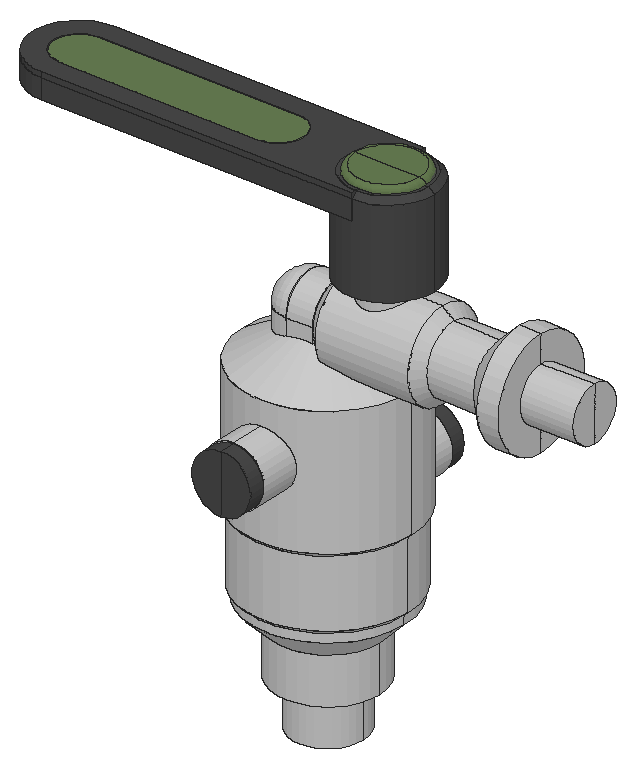
Revit family "Водоразборная арматура в комплекте с клапаном предотвращения обратного потока 0300", category Rohrzubehör, Revit 2020
Family settings
  Bemaßung runder Anschluss = Durchmesser verwenden
  Teiletyp = Unterbricht
  OmniClass-Nummer = 23.65.55.14
  OmniClass-Titel = Valves for Liquid Services
  Arbeitsebenenbasiert = Nein
  Immer vertikal = Ja
  Beim Laden mit Abzugskörper schneiden = Nein
  Gemeinsam genutzt = Nein
Parameters (values of type "DN15 - DN20")
  Уплотнение = "EPDM"  # constant formula
  Примечание = "В соответствии со статьей 33 Регламента REACH (Registration; Evaluation; Authorisation; Restriction of Chemicals) (EC № 1907/2006) мы обязаны указать, что свинец внесен в список SVHC (Substances of Very High Concern - вещества очень высокой важности) и весовой процент свинца во всех латунных компонентах заводского изготовления в наших изделиях, превышает 0,1 % (w/w) (CAS: 7439-92-1 / EINECS: 231-100-4).\r\nПоскольку свинец является легирующим компонентом сплава, прямое негативное влияние исключается, и поэтому дополнительной информации о безопасном использовании не требуется."
  Область применения = "Водоразборная арматура со встроенным клапаном предотвращения обратного потока (ВА) предназначена для установки над раковинами, ваннами или для установки вне помещения (например, клапан в саду).\r\nАрматура состоит из шарового крана на стороне входа и клапана предотвращения обратного потока ниже по направлению потока, тип ВА согласно DIN EN 1717."
  Макс. рабочее давление = 1000000.0 Pa  # constant formula
  Макс. рабочая температура = 65 °C  # constant formula
  Корпус = "штампованная латунь (CW617N), хромированная"  # constant formula
  Макс. допустимая рабочая температура (кратковременно) = 80 °C  # constant formula
  Исполнение = "Клапан предотвращения обратного потока ВА, встроенный в водоразборную арматуру, разработан согласно требованиям нормы DIN EN 1717.\r\nСогласно этой нормы качество воды, в зависимости от степени загрязнения, разделяется на 5 классов.\r\nКлапан предотвращения обратного потока типа ВА защищает от попадания непитьевой воды (4-й класс защиты - самый высокий класс защиты, который может обеспечить арматура).\r\nУстановка фильтра-грязевика перед клапаном предотвращения обратного потока помогает обеспечить его долгий срок службы.\r\nЭта арматура может быть установлена только в вертикальном положении."
  W02 = 60.00°  # constant formula
  W01 = 45.00°  # constant formula
  Vorgabe-Ansicht = 0.000 mm
  URL = "www.herz-armaturen.ru"
  Картридж клапана предотвращения обратного потока = "высококачественный устойчивый к известковому налету пластик"  # constant formula
  STL02 = 37.500 mm  # constant formula
  STL01 = 33.000 mm  # constant formula
  STD02 = 8.200 mm  # constant formula
  STD01 = 8.500 mm  # constant formula
  SCTWSEQ = "AW;SBT_TYP_AW=\"104\";2"
  SCTWCODE = "04;12;02"  # constant formula
  S05 = R03 - 2.000 mm  # 10.400 mm
  S04 = 33.000 mm  # constant formula
  S03 = 25.000 mm  # constant formula
  S02 = 45.000 mm  # constant formula
  S01 = 13.000 mm  # constant formula
  R09 = 13.000 mm  # constant formula
  R05 = 8.000 mm  # constant formula
  R04 = 8.500 mm  # constant formula
  R03 = 12.400 mm  # constant formula
  R02 = 9.500 mm  # constant formula
  R01 = 15.000 mm  # constant formula
  NennweiteEin [instance] = if([15_20], 15.000 mm, if([20_20], 20.000 mm, if([20_25], 20.000 mm, 0.000 mm)))  # 15.000 mm
  NennweiteAus [instance] = if([15_20], 20.000 mm, if([20_20], 20.000 mm, if([20_25], 25.000 mm, 0.000 mm)))  # 20.000 mm
  Среда = "вода (не пар)"  # constant formula
  LO01 = 34.500 mm  # constant formula
  L11 = 77.500 mm  # constant formula
  L10 = 57.500 mm  # constant formula
  L09 = 58.000 mm  # constant formula
  L08 = 2.500 mm  # constant formula
  L07 = 26.000 mm  # constant formula
  L06 = 6.000 mm  # constant formula
  L05 = 15.000 mm  # constant formula
  L04 = 5.000 mm  # constant formula
  L03 = 100.000 mm  # constant formula
  L02 = 58.000 mm  # constant formula
  L01 = 75.000 mm  # constant formula
  Hersteller = "HERZ Armaturen Ges.m.b.H."  # constant formula
  H08 = 15.000 mm  # constant formula
  H07 = 36.000 mm  # constant formula
  H06 = 19.000 mm  # constant formula
  H05 = 2.500 mm  # constant formula
  H04 = 13.000 mm  # constant formula
  H03 = 13.000 mm  # constant formula
  H02 = 105.000 mm  # constant formula
  H01 = 146.000 mm - H02  # 41.000 mm
  Положение при монтаже = "вертикальное"  # constant formula
  Номер заказа = if([15_20], "I030001", if([20_20], "I030002", if([20_25], "I030012", "0")))  # "I030001"
  20_25 = no
  20_20 = no
  15_20 = yes
  D05 = 14.500 mm  # constant formula
  D04 = 21.500 mm  # constant formula
  D03 = 22.500 mm  # constant formula
  D02 = 7.000 mm  # constant formula
  D01 = 23.500 mm  # constant formula
  AGein [instance] = NennweiteEin / 2  # 7.500 mm
  AGaus [instance] = NennweiteAus / 2  # 10.000 mm
Types (4, lengths in mm): name | NennweiteEin | NennweiteAus | Номер заказа | 20_25 | 20_20 | 15_20 | AGein | AGaus
  (no name) | 15.000 | 20.000 | "I030001" | no | no | yes | 7.500 | 10.000
  DN15 - DN20 | 15.000 | 20.000 | "I030001" | no | no | yes | 7.500 | 10.000
  DN20 - DN20 | 20.000 | 20.000 | "I030002" | no | yes | no | 10.000 | 10.000
  DN20 - DN25 | 20.000 | 25.000 | "I030012" | yes | no | no | 10.000 | 12.500
Reference planes
  plane 1 "Mitte (Vorne/hinten)": y = 0
  plane 2: z = 0
  plane 3 "Mitte (Links/rechts)": x = 0
Forms (mm)
  Revolve 1, solid, material "Messing, vernickelt", detail levels fine
    sketch origin (0, 0, -213.5) x (1, 0, 0) y (0, 0, 1)
      loop
        line (0, 108.5) -> (0, 213.5) -> (-7, 213.5) -> (-7, 210.526) -> (-23.5, 201) -> (-23.5, 165) -> (-22.5, 164) -> (-22.5, 145) -> (-21.5, 144) -> (-21.5, 141.5) -> (-14.5, 134.5) -> (-14.5, 121.5) -> (-10, 121.5) -> (-10, 108.5) -> (0, 108.5)
      axis (0, 213.5) -> (0, 108.5)
    angle from 0 to 360
  Revolve 2, solid, material "Messing, vernickelt", detail levels fine
    sketch origin (0, 0, 0) x (1, 0, 0) y (0, 0, 1)
      loop
        line (2.5, 0) -> (75, 0) -> (75, 7.5) -> (60, 7.5) -> (60, 15) -> (54, 15) -> (48.5, 9.5) -> (35.3, 9.5) -> (32.4, 12.4) -> (6.4, 12.4) -> (2.5, 8.5) -> (2.5, 0)
      axis (2.5, 0) -> (75, 0)
    angle from 0 to 360
  Extrusion 3, solid, material "Messing, vernickelt", detail levels fine
    sketch origin (0, 0, 0) x (0, 1, 0) y (0, 0, 1)
      loop
        arc (8.5, 0) -> (0, 8.5) -> (-8.5, 0) r 8.5
        line (-8.5, 0) -> (-8.5, -12.5) -> (8.5, -12.5) -> (8.5, 0)
    from 2.5 to -5
  Extrusion 4, solid, material "Messing, vernickelt", detail levels fine
    sketch origin (0, 0, 0) x (1, 0, 0) y (0, 1, 0)
      loop
        circle (-5, 0) r 8.5
    from -20 to 0
  Revolve 5, solid, material "Messing, vernickelt", detail levels fine
    sketch origin (0, 0, 0) x (1, 0, 0) y (0, 1, 0)
      loop
        arc (-5, 8.5) -> (-11.01, 6.01) -> (-13.5, 0) r 8.5
        line (-13.5, 0) -> (-5, 0) -> (-5, 8.5)
      axis (-5, 0) -> (-13.5, 0)
    angle from 0 to 360
  Revolve 6, solid, material "Messing, vernickelt", detail levels fine
    sketch origin (0, 0, 0) x (1, 0, 0) y (0, 0, 1)
      loop
        line (17, 0) -> (25, 0) -> (25, 15) -> (17, 15) -> (17, 0)
      axis (17, 15) -> (17, 0)
    angle from 0 to 360
  Revolve 7, solid, material "Kunststoff SCHWARZ", detail levels fine
    sketch origin (0, 0, 0) x (1, 0, 0) y (0, 0, 1)
      loop
        line (17, 15) -> (30, 15) -> (30, 39.5) -> (28.5, 41) -> (17, 41) -> (17, 15)
      axis (17, 15) -> (17, 41)
    angle from 0 to 360
  Revolve 8, solid, material "Kunststoff GRÜN", detail levels fine
    sketch origin (0, 0, 0) x (1, 0, 0) y (0, 0, 1)
      loop
        line (17, 42.5) -> (17, 41) -> (27.5, 41)
        arc (27.5, 41) -> (27.061, 42.061) -> (26, 42.5) r 1.5
        line (26, 42.5) -> (17, 42.5)
      axis (17, 42.5) -> (17, 41)
    angle from 0 to 360
  Extrusion 9, solid, material "Kunststoff SCHWARZ", detail levels fine
    sketch origin (0, 0, 0) x (1, 0, 0) y (0, 1, 0)
      loop
        line (17, 13) -> (-70, 13)
        arc (-70, 13) -> (-83, 0) -> (-70, -13) r 13
        line (-70, -13) -> (17, -13) -> (17, 13)
    from 34 to 39.5
  Extrusion 10, solid, material "Kunststoff SCHWARZ", detail levels fine
    sketch origin (0, 0, 0) x (1, 0, 0) y (0, 1, 0)
      loop
        line (17, 13) -> (-70, 13)
        arc (-70, 13) -> (-83, 0) -> (-70, -13) r 13
        line (-70, -13) -> (17, -13) -> (17, 13)
      loop
        arc (-70, 7) -> (-77, 0) -> (-70, -7) r 7
        line (-70, -7) -> (-14, -7)
        arc (-14, -7) -> (-7, 0) -> (-14, 7) r 7
        line (-14, 7) -> (-70, 7)
    from 39.5 to 41
  Extrusion 11, solid, material "Kunststoff GRÜN", detail levels fine
    sketch origin (0, 0, 0) x (1, 0, 0) y (0, 1, 0)
      loop
        arc (-70, 7) -> (-77, 0) -> (-70, -7) r 7
        line (-70, -7) -> (-14, -7)
        arc (-14, -7) -> (-7, 0) -> (-14, 7) r 7
        line (-14, 7) -> (-70, 7)
    from 39.5 to 41
  Revolve 12, solid, material "Messing, vernickelt", detail levels fine
    sketch origin (0, 0, 0) x (0, 1, 0) y (0, 0, 1)
      loop
        line (0, -39) -> (0, -47.5) -> (33, -47.5) -> (33, -39) -> (0, -39)
      axis (33, -47.5) -> (0, -47.5)
    angle from 0 to 360
  Revolve 13, solid, material "Messing, vernickelt", detail levels fine
    sketch origin (0, 0, 0) x (0, -1, 0) y (0, 0, 1)
      loop
        line (0, -19) -> (0, -27.5) -> (33, -27.5) -> (33, -19) -> (0, -19)
      axis (33, -27.5) -> (0, -27.5)
    angle from 0 to 360
  Revolve 14, solid, material "Kunststoff SCHWARZ", detail levels fine
    sketch origin (0, 0, 0) x (0, 1, 0) y (0, 0, 1)
      loop
        line (-33, -27.5) -> (-33, -19.3) -> (-37.5, -19.3) -> (-37.5, -27.5) -> (-33, -27.5)
      axis (-33, -27.5) -> (-37.5, -27.5)
    angle from 0 to 360
  Revolve 15, solid, material "Kunststoff SCHWARZ", detail levels fine
    sketch origin (0, 0, 0) x (0, -1, 0) y (0, 0, 1)
      loop
        line (-33, -47.5) -> (-33, -39.3) -> (-37.5, -39.3) -> (-37.5, -47.5) -> (-33, -47.5)
      axis (-33, -47.5) -> (-37.5, -47.5)
    angle from 0 to 360
Lines and regions (mm)
  model lines, detail levels coarse+medium
    curve 1: line (35.5, 0, 12.4) -> (35.5, 0, -12.4)
    curve 2: line (35.5, 0, -12.4) -> (2.5, 0, 12.4)
    curve 3: line (2.5, 0, 12.4) -> (2.5, 0, -12.4)
    curve 4: line (2.5, 0, -12.4) -> (35.5, 0, 12.4)
    curve 5: circle (10.02, 0, 0) r 10.4 normal (0, -1, 0)
    curve 6: line (35.5, 0, 0) -> (75, 0, 0)
    curve 7: line (60, 0, 15) -> (60, 0, -15)
    curve 8: line (-23.5, 0, -12.4) -> (23.5, 0, -12.4)
    curve 9: line (-23.5, 0, -105) -> (-23.5, 0, -12.4)
    curve 10: line (23.5, 0, -105) -> (-23.5, 0, -105)
    curve 11: line (23.5, 0, -12.4) -> (23.5, 0, -105)
    curve 12: line (2.5, 0, 0) -> (0, 0, 0)
    curve 13: line (0, 0, 0) -> (0, 0, -12.4)
    curve 14: line (-10.5, 0, -105) -> (-10.5, 0, -80)
    curve 15: line (-10.5, 0, -57.4) -> (-10.5, 0, -12.4)
    curve 16: line (10.5, 0, -105) -> (10.5, 0, -80)
    curve 17: line (10.5, 0, -57.4) -> (10.5, 0, -12.4)
    curve 18: line (0, -23.5, -105) -> (0, 23.5, -105)
    curve 19: line (0, -23.5, -12.4) -> (0, -23.5, -105)
    curve 20: line (0, 23.5, -12.4) -> (0, -23.5, -12.4)
    curve 21: line (0, 23.5, -105) -> (0, 23.5, -12.4)
    curve 26: arc (0, -12.4, 0) -> (0, 0, 12.4) -> (0, 12.4, 0) r 12.4
  model lines
    curve 22: line (0, -10.5, -105) -> (0, -10.5, -80)
    curve 23: line (0, -10.5, -57.4) -> (0, -10.5, -12.4)
    curve 24: line (0, 10.5, -105) -> (0, 10.5, -80)
    curve 25: line (0, 10.5, -57.4) -> (0, 10.5, -12.4)
Dimensions and locks
  "H03": Revolve 1 sketch curve to Revolve 1 sketch curve
  "H04": Revolve 1 sketch curve to Revolve 1 sketch curve
  "H05": Revolve 1 sketch curve to Revolve 1 sketch curve
  "H06": Revolve 1 sketch curve to Revolve 1 sketch curve
  "H07": Revolve 1 sketch curve to Revolve 1 sketch curve
  "AGaus": Revolve 1 sketch curve to plane 3 "Mitte (Links/rechts)"
  "D01": Revolve 1 sketch curve to Revolve 1 sketch curve
  "D02": Revolve 1 sketch curve to Revolve 1 sketch curve
  "D05": Revolve 1 sketch curve to Revolve 1 sketch curve
  "D04": Revolve 1 sketch curve to Revolve 1 sketch curve
  "D03": Revolve 1 sketch curve to Revolve 1 sketch curve
  "H02": Revolve 1 sketch curve to Revolve 1 sketch curve
  "L01": Revolve 2 sketch curve to plane 3 "Mitte (Links/rechts)"
  "L05": Revolve 2 sketch curve to Revolve 2 sketch curve
  "L06": Revolve 2 sketch curve to Revolve 2 sketch curve
  "L07": Revolve 2 sketch curve to Revolve 2 sketch curve
  "AGein": Revolve 2 sketch curve to Revolve 2 sketch curve
  "R01": Revolve 2 sketch curve to Revolve 2 sketch curve
  "R02": Revolve 2 sketch curve to Revolve 2 sketch curve
  "R03": Revolve 2 sketch curve to Revolve 2 sketch curve
  "L08": Revolve 2 sketch curve to plane 3 "Mitte (Links/rechts)"
  "R04": Revolve 2 sketch curve to Revolve 2 sketch curve
  "H08": Revolve 6 sketch curve to plane 2
  "R05": Revolve 6 sketch curve to Revolve 6 sketch curve
  "L09": Revolve 6 sketch curve to Revolve 2
  "H08": Revolve 7 sketch curve to plane 2
  "R09": Revolve 7 sketch curve to Revolve 7 sketch curve
  "L02": Revolve 2 to Revolve 7 sketch curve
  "H01": Revolve 7 sketch curve to plane 2
  Revolve 7 sketch curve to Revolve 7 sketch curve = 11.500 mm
  "L02": Revolve 2 to Revolve 8 sketch curve
  Revolve 8 sketch curve to Revolve 7 = 1.500 mm
  "H01": Revolve 8 sketch curve to plane 2
  "L02": Extrusion 9 sketch curve to Revolve 2
  "R09": Extrusion 9 sketch curve to plane 1 "Mitte (Vorne/hinten)" to Extrusion 9 sketch curve
  "L03": Extrusion 9 sketch curve to Extrusion 9 sketch curve
  "L03": Extrusion 10 sketch curve to Extrusion 9
  "L02": Extrusion 10 sketch curve to Revolve 2
  "STL01": Revolve 12 sketch curve to plane 1 "Mitte (Vorne/hinten)"
  "STD01": Revolve 12 sketch curve to Revolve 12 sketch curve
  "L10": Revolve 1 to Revolve 12 sketch curve
  "STD01": Revolve 13 sketch curve to Revolve 13 sketch curve
  "STL01": plane 1 "Mitte (Vorne/hinten)" to Revolve 13 sketch curve
  "L11": Revolve 13 sketch curve to Revolve 1
  "STL01": plane 1 "Mitte (Vorne/hinten)" to Revolve 14 sketch curve
  "STL02": Revolve 13 to Revolve 14 sketch curve
  "STD02": Revolve 14 sketch curve to Revolve 14 sketch curve
  "L11": Revolve 1 to Revolve 14 sketch curve
  "D01": nested 1 to plane 3 "Mitte (Links/rechts)"
  "LO01": level to nested 1
  "STD02": Revolve 15 sketch curve to Revolve 15 sketch curve
  "L10": Revolve 15 sketch curve to Revolve 1
  "STL01": Revolve 15 sketch curve to plane 1 "Mitte (Vorne/hinten)"
  "STL02": Revolve 15 sketch curve to plane 1 "Mitte (Vorne/hinten)"
  "R03": curve 4 to plane 2 to curve 2
  "R03": curve 3 to plane 2 to curve 4
  "L08": plane 3 "Mitte (Links/rechts)" to curve 3
  "S04": curve 3 to curve 1
  "L01": curve 6 to plane 3 "Mitte (Links/rechts)"
  "R01": curve 7 to plane 2 to curve 7
  curve 7 to curve 6 = 15.000 mm
  "D01": curve 11 to plane 3 "Mitte (Links/rechts)" to curve 9
  "H02": plane 2 to curve 10
  "R03": plane 2 to curve 8
  "S01": curve 14 to curve 9
  "S01": curve 11 to curve 16
  "S01": curve 11 to curve 17
  "S01": curve 15 to curve 9
  "S02": curve 8 to curve 17
  "S02": curve 8 to curve 15
  "S03": curve 14 to curve 10
  "S03": curve 16 to curve 10
  "H02": plane 2 to curve 18
  "R03": plane 2 to curve 20
  "D01": curve 19 to plane 1 "Mitte (Vorne/hinten)" to curve 21
  "S01": curve 19 to curve 22
  "S01": curve 24 to curve 21
  "S01": curve 25 to curve 21
  "S01": curve 19 to curve 23
  "S03": curve 18 to curve 22
  "S03": curve 18 to curve 24
  "S02": curve 20 to curve 25
  "S02": curve 20 to curve 23
  "S05": radius of curve 5
  "R03": radius of curve 26
  "W01": angle Revolve 1 sketch curve to Revolve 1 sketch curve  (x3)
  "W02": angle Revolve 1 sketch curve to Revolve 1 sketch curve
  "W01": angle Revolve 2 sketch curve to Revolve 2 sketch curve  (x3)
  "W01": angle Revolve 7 sketch curve to Revolve 7 sketch curve
  aligned and locked: level to plane 2
Automatic sketch dimensions
  Extrusion 3 sketch curve to level = 0.000 mm  (x2)
  Extrusion 3 sketch curve to plane 1 "Mitte (Vorne/hinten)" = 0.000 mm
  plane 1 "Mitte (Vorne/hinten)" to Extrusion 3 sketch curve = 8.500 mm
  Extrusion 3 sketch curve to level = 12.500 mm
  plane 1 "Mitte (Vorne/hinten)" to Extrusion 4 sketch curve = 0.000 mm
  Extrusion 4 sketch curve to plane 3 "Mitte (Links/rechts)" = 5.000 mm
  Revolve 5 sketch curve to plane 1 "Mitte (Vorne/hinten)" = 0.000 mm
  plane 1 "Mitte (Vorne/hinten)" to Revolve 5 sketch curve = 0.000 mm
  Revolve 5 sketch curve to plane 3 "Mitte (Links/rechts)" = 13.500 mm
  Revolve 5 sketch curve to plane 3 "Mitte (Links/rechts)" = 5.000 mm
  Revolve 5 sketch curve to Revolve 5 sketch curve = 1986.500 mm
  plane 3 "Mitte (Links/rechts)" to Revolve 5 sketch curve = 2000.000 mm
  plane 1 "Mitte (Vorne/hinten)" to Extrusion 11 sketch curve = 0.000 mm
  Extrusion 11 sketch curve to plane 3 "Mitte (Links/rechts)" = 70.000 mm
  Extrusion 11 sketch curve to plane 1 "Mitte (Vorne/hinten)" = 7.000 mm
  Extrusion 11 sketch curve to plane 3 "Mitte (Links/rechts)" = 14.000 mm
  curve 26 to level = 0.000 mm
  curve 26 to plane 1 "Mitte (Vorne/hinten)" = 0.000 mm
  curve 12 to level = 0.000 mm
  curve 12 to plane 3 "Mitte (Links/rechts)" = 0.000 mm
  curve 5 to level = 0.000 mm
  curve 6 to level = 0.000 mm
  plane 3 "Mitte (Links/rechts)" to curve 3 = 2.500 mm
  curve 12 to curve 5 = 7.520 mm
  Revolve 1 sketch curve to level = 0.000 mm
  Revolve 1 sketch curve to plane 3 "Mitte (Links/rechts)" = 0.000 mm  (x2)
  Revolve 1 sketch curve to Revolve 1 sketch curve = 261.045 mm
  level to Revolve 1 sketch curve = 2214.315 mm
  Revolve 2 sketch curve to level = 0.000 mm  (x2)
  Revolve 2 sketch curve to plane 3 "Mitte (Links/rechts)" = 1506.530 mm
  Revolve 2 sketch curve to Revolve 2 sketch curve = 1764.148 mm
  Revolve 6 sketch curve to level = 0.000 mm  (x2)
  Revolve 6 sketch curve to Revolve 6 sketch curve = 0.000 mm  (x2)
  Revolve 7 sketch curve to Revolve 7 sketch curve = 0.000 mm  (x3)
  Revolve 8 sketch curve to Revolve 8 sketch curve = 9.000 mm
  Revolve 8 sketch curve to Revolve 8 sketch curve = 0.000 mm  (x3)
  Extrusion 9 sketch curve to Extrusion 9 sketch curve = 0.000 mm
  Extrusion 10 sketch curve to Extrusion 10 sketch curve = 0.000 mm  (x2)
  plane 1 "Mitte (Vorne/hinten)" to Extrusion 10 sketch curve = 0.000 mm
  Extrusion 10 sketch curve to plane 1 "Mitte (Vorne/hinten)" = 7.000 mm
  Extrusion 10 sketch curve to plane 3 "Mitte (Links/rechts)" = 14.000 mm
  Extrusion 10 sketch curve to Extrusion 10 sketch curve = 56.000 mm
  Revolve 12 sketch curve to plane 1 "Mitte (Vorne/hinten)" = 0.000 mm  (x2)
  Revolve 12 sketch curve to Revolve 12 sketch curve = 0.000 mm  (x2)
  Revolve 13 sketch curve to plane 1 "Mitte (Vorne/hinten)" = 0.000 mm  (x2)
  Revolve 13 sketch curve to Revolve 13 sketch curve = 0.000 mm  (x2)
  Revolve 14 sketch curve to Revolve 14 sketch curve = 0.000 mm  (x3)
  Revolve 15 sketch curve to Revolve 15 sketch curve = 0.000 mm  (x3)
  radius of Extrusion 4 sketch curve = 8.500 mm
Nested families
  nested 1: "Herz-Logo-vorne" at (-23.5, 0, -39), type "Herz-Logo-vorne", detail levels fine
Connectors
  piping at (0, 0, -105), diameter 20, driven by "NennweiteAus"
    settings: on Revolve 1, index 1, connector inside diameter 609.6 mm, connector length 0.000 mm, flow factor 0, pipe flow 0.0 L/s, pressure drop 0.0 Pa, fitting loss kfactor 0, connector angle 0.00°, fixture units 0, engagement length 0.000 mm, angle of deflection 0.00°, flow configuration 0, flow direction 2, fitting loss method 0, system type 29, joint type 0, gender type 0, connector reference index -1, connector utility 0, adjustable connector no, is connector primary yes, connector description ""
  piping at (75, 0, 0), diameter 15, driven by "NennweiteEin"
    settings: on Revolve 2, index 2, connector inside diameter 609.6 mm, connector length 0.000 mm, flow factor 0, pipe flow 0.0 L/s, pressure drop 0.0 Pa, fitting loss kfactor 0, connector angle 0.00°, fixture units 0, engagement length 0.000 mm, angle of deflection 0.00°, flow configuration 0, flow direction 1, fitting loss method 0, system type 29, joint type 0, gender type 0, connector reference index -1, connector utility 0, adjustable connector no, is connector primary no, connector description ""
Definition of nested family "Herz-Logo-vorne"
  Parameters (values of type "Herz-Logo-vorne")
    Default Elevation = 0.000 mm
  Reference planes
    plane 1 "Mitte (Vorne/hinten)": y = 0
    plane 2: z = 0
    plane 3 "Mitte (Links/rechts)": x = 0
  Forms (mm)
    Extrusion 1, solid
      sketch origin (0.732, -0.018, 0.017) x (0, -1, 0) y (0, 0, 1)
        loop
          line (-0.018, -4.517) -> (4.482, -4.517) -> (4.482, 4.483) -> (-4.518, 4.483) -> (-4.518, -4.517) -> (-0.018, -4.517)
        loop
          line (-0.05, -3.48) -> (3.482, -3.48) -> (3.482, 3.483) -> (-3.518, 3.483) -> (-3.518, -3.48) -> (-0.05, -3.48)
        loop
          arc (-0.018, 2.383) -> (-1.543, 3.287) -> (-3.067, 2.383) r 1.738
          arc (-3.067, 2.383) -> (-3.191, 1.899) -> (-3.067, 1.415) r 1.009
          line (-3.067, 1.415) -> (-0.018, -3.281) -> (3.032, 1.415)
          arc (3.032, 1.415) -> (3.156, 1.899) -> (3.032, 2.383) r 1.009
          arc (3.032, 2.383) -> (1.507, 3.287) -> (-0.018, 2.383) r 1.738
        loop
          arc (1.885, 1.272) -> (2.005, 1.675) -> (1.885, 2.079) r 0.74
          arc (1.885, 2.079) -> (1.265, 2.416) -> (0.644, 2.079) r 0.74
          line (0.644, 2.079) -> (-0.018, 0.97) -> (-0.679, 2.079)
          arc (-0.679, 2.079) -> (-1.3, 2.416) -> (-1.921, 2.079) r 0.74
          arc (-1.921, 2.079) -> (-2.04, 1.675) -> (-1.921, 1.272) r 0.74
          line (-1.921, 1.272) -> (-0.018, -1.658) -> (1.885, 1.272)
      from 0 to 1.5
  Dimensions and locks
    aligned and locked: level to plane 2
